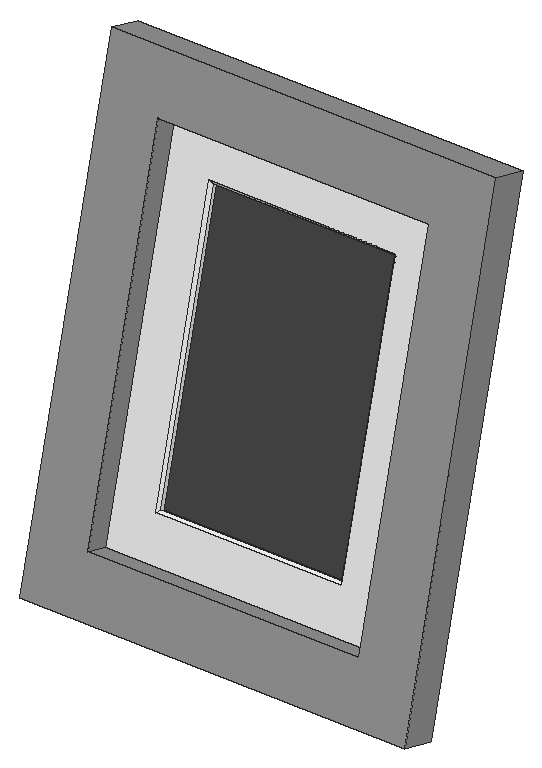
Revit family "Porta retratos", category Generic Models, Revit 2016
Family settings
  Part Type = Normal
  Can host rebar = No
  Round Connector Dimension = Use Diameter
  Work Plane-Based = No
  Always vertical = Yes
  Cut with Voids When Loaded = No
  Shared = No
  Room Calculation Point = No
Parameters
  Width [instance] = Image Width + 2 * Frame Thickness + 2 * Border Width  # 21.59 cm
  Vertical Offset [instance] = sin(14.00°) * (2 * Brace Space)  # 2.0812 cm
  Image Width [instance] = 10.16 cm
  Image Height [instance] = 15.24 cm
  Horizontal Offset [instance] = cos(14.00°) * (2 * Brace Space)  # 8.3472 cm
  Height [instance] = Image Height + 2 * Frame Thickness + 2 * Border Width  # 26.67 cm
  Frame Thickness [instance] = 3.175 cm
  Frame = Aluminium
  Brace Space [instance] = Brace Length * sin(14.00°)  # 4.3014 cm
  Brace Length [instance] = Brace Height  # 17.78 cm
  Brace Height [instance] = Height * (2 / 3)  # 17.78 cm
  Border Width [instance] = 2.54 cm
  Border = Pot Rack Metal
Reference planes (cm)
  plane 1 "Center (Front/Back)": y = 0
  plane 2: z = 0
  plane 3 "Center (Left/Right)": x = 0
  plane 4 "Frame Angle": through (0, 0, 0) normal (0, 0.9703, -0.2419)
  plane 5: x = 10.795
  plane 6: x = -10.795
  plane 7: through (0, 4.5558, -1.1359) normal (0, -0.2419, -0.9703)
  plane 8 "Brace": through (0, 3.8395, 19.1042) normal (0, 0.9703, 0.2419)
  plane 9: through (0, -8.5795, 20.4634) normal (0, 0.2419, 0.9703)
  plane 10: through (0, 0, 0) normal (0, -0.9703, -0.2419)
  plane 11 "Brace Base": through (0, 0, 0) normal (0, -0.2419, 0.9703)
  plane 12: through (0, 9.6151, 0.2524) normal (0, -0.2419, 0.9703)
Forms (cm)
  Extrusion 1, solid, material "Aluminum 7075"
    sketch origin (0, -0.1483, -0.595) x (0, -0.241922, -0.970296) y (1, 0, 0)
      loop
        line (-3.7882, 7.62) -> (-24.1082, 7.62) -> (-24.1082, -7.62) -> (-3.7882, -7.62) -> (-3.7882, 7.62)
      loop
        line (-27.2832, -10.795) -> (-0.6132, -10.795) -> (-0.6132, 10.795) -> (-27.2832, 10.795) -> (-27.2832, -10.795)
    from 0 to 1.905
  Extrusion 2, solid, material "Backer"
    sketch origin (0, 0, 0) x (0, -0.241922, -0.970296) y (1, 0, 0)
      loop
        line (-23.495, -7.62) -> (-3.175, -7.62) -> (-3.175, 7.62) -> (-23.495, 7.62) -> (-23.495, -7.62)
    from 0 to 0.3175
  Sweep 3, solid, material "Pot Rack Metal" <- "Border"
    path origin (0, -0.3081, 0.0768) x (0, -0.241922, -0.970296) y (-1, 0, 0)
      loop
        line (-3.175, 7.62) -> (-23.495, 7.62) -> (-23.495, -7.62) -> (-3.175, -7.62) -> (-3.175, 7.62)
    profile origin (-7.62, 2.918, 13.0157) x (-1, 0, 0) y (0, -0.970296, 0.241922)
      loop
        line (0, 0) -> (0, 0.3175) -> (-2.3813, 0.3175) -> (-2.54, 0.1588) -> (-2.54, 0) -> (0, 0)
  SweptBlend 4, solid, material "Backer"
    path origin (0, 8.0993, 2.0194) x (0, -0.241922, 0.970296) y (1, 0, 0)
      loop
        line (-2.0812, 0) -> (15.6988, 0)
    profile origin (0, 8.6027, 0) x (1, 0, 0) y (0, 0.970296, 0.241922)
      loop
        line (3.175, 0) -> (3.175, 0.4762) -> (-3.175, 0.4762) -> (-3.175, 0) -> (3.175, 0)
    end profile origin (0, 4.3014, 17.2519) x (1, 0, 0) y (0, 0.970296, 0.241922)
      loop
        line (1.8967, 0) -> (1.8967, 0.4762) -> (-1.9133, 0.4762) -> (-1.905, 0) -> (1.8967, 0)
Dimensions and locks (cm)
  equal spacing: plane 6, plane 3 "Center (Left/Right)", plane 5
  "Width": plane 6 to plane 5
  Extrusion 1 to Extrusion 1 = 26.67 cm
  "Frame Thickness": Extrusion 1 sketch curve to Extrusion 1 sketch curve  (x4)
  "Border Width": Sweep 3 sketch curve to Sweep 3 sketch curve
  locked: Sweep 3 sketch curve to Sweep 3 sketch curve at 0.1588
  "Brace Height": plane 7 to plane 9
  level to Extrusion 1 = 0 cm
  Extrusion 1 to plane 1 "Center (Front/Back)" = 0 cm
  "Horizontal Offset": plane 8 "Brace" to plane 10
  "Brace Length": SweptBlend 4 sketch curve to SweptBlend 4 sketch curve
  "Vertical Offset": plane 11 "Brace Base" to plane 12
  "Height": plane 7 to Extrusion 1
  aligned and locked: plane 2 to level
  aligned and locked: Extrusion 1 to plane 5
  aligned and locked: plane 6 to Extrusion 1
  aligned and locked: plane 7 to Extrusion 1
  aligned and locked: Extrusion 2 sketch curve to Extrusion 1  (x4)
  aligned and locked: Sweep 3 sketch curve to Extrusion 1  (x4)
  aligned and locked: SweptBlend 4 to plane 8 "Brace"
  aligned and locked: SweptBlend 4 to plane 12
Automatic sketch dimensions
  profile plane to SweptBlend 4 sketch curve = 3.175 cm
  SweptBlend 4 sketch curve to profile plane = 3.175 cm
  SweptBlend 4 sketch curve to plane 8 "Brace" = 0 cm  (x2)
  plane 8 "Brace" to SweptBlend 4 sketch curve = 0.4763 cm
  profile plane to SweptBlend 4 sketch curve = 1.9133 cm
  SweptBlend 4 sketch curve to profile plane = 1.8967 cm
  SweptBlend 4 sketch curve to SweptBlend 4 sketch curve = 0.0083 cm
  plane 8 "Brace" to SweptBlend 4 sketch curve = 0.4762 cm
  Extrusion 1 sketch curve to plane 6 = 0 cm
  Extrusion 1 sketch curve to plane 5 = 0 cm
  plane 7 to Extrusion 1 sketch curve = 0 cm
  Extrusion 1 sketch curve to plane 9 = 5.715 cm
  profile plane to Sweep 3 sketch curve = 0 cm
  Sweep 3 sketch curve to profile plane = 0 cm
  Sweep 3 sketch curve to Sweep 3 sketch curve = 0.1587 cm
  Sweep 3 sketch curve to Sweep 3 sketch curve = 0.3175 cm
  SweptBlend 4 sketch curve to plane 3 "Center (Left/Right)" = 0 cm
  plane 12 to SweptBlend 4 sketch curve = 0 cm
